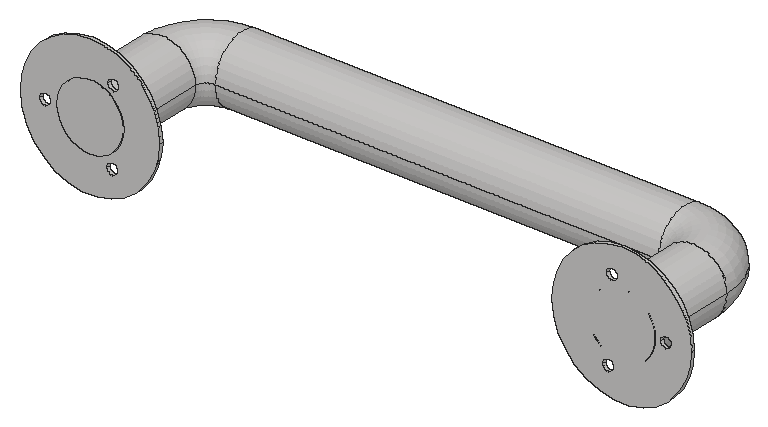
Revit family "Ecoline Wall Mount Grab Bar  family", category Furniture, Revit 2018
Family settings
  OmniClass Number = 23.40.20.00
  OmniClass Title = General Furniture and Specialties
  Work Plane-Based = No
  Always vertical = Yes
  Cut with Voids When Loaded = No
  Shared = No
  Room Calculation Point = No
Parameters (values of type "C8874-24"-Economy Wall Mount Grab Bar, Stainless Steel")
  mat [instance] = Steel, Mild
  URL = "http://www.kromedispense.com/"
  Model = "C8871-C8876 Stainless Steel"
  Grab Bar lanth [instance] = 2' - 0"
Types (7): name | Grab Bar lanth
  (no name) | 2' - 0"
  C8873-12"-Economy Wall Mount Grab Bar, Stainless Steel | 1' - 0"
  C8871-18"-Economy Wall Mount Grab Bar, Stainless Steel | 1' - 6"
  C8872-9"-Economy Wall Mount Grab Bar, Stainless Steel | 0' - 9"
  C8874-24"-Economy Wall Mount Grab Bar, Stainless Steel | 2' - 0"
  C8875-36"-Economy Wall Mount Grab Bar, Stainless Steel | 3' - 0"
  C8876-48"-Economy Wall Mount Grab Bar, Stainless Steel | 4' - 0"
Reference planes (in)
  plane 1 "Center Front/Back": y = 0
  plane 2: z = 0
  plane 3 "Center Left/Right": x = 0
  plane 4: x = -24
Forms (in)
  Sweep 1, solid, material "Stainless Steel, Brushed"
    path origin (-9, 0, 0) x (1, 0, 0) y (0, 1, 0)
      loop
        line (-15, 0) -> (-15, 4.05)
        arc (-15, 4.05) -> (-14.41421, 5.46421) -> (-13, 6.05) r 2
        line (-13, 6.05) -> (7, 6.05)
        arc (7, 6.05) -> (8.41421, 5.46421) -> (9, 4.05) r 2
        line (9, 4.05) -> (9, 0)
    profile origin (-24, 2.025, 0) x (-1, 0, 0) y (0, 0, 1)
      loop
        circle (0, 0) r 1.5
  Extrusion 2, solid, material "Stainless Steel, Brushed"
    sketch origin (-9, 0, 0) x (1, 0, 0) y (0, 0, 1)
      loop
        circle (-15, 0) r 3.15
    from 0 to -0.14377
  Extrusion 3, solid, material "Stainless Steel, Brushed"
    sketch origin (9, 0, 0) x (1, 0, 0) y (0, 0, 1)
      loop
        circle (-9, 0) r 3.15
    from 0 to -0.14377
  Extrusion 4, void
    sketch origin (-9, 0, 0) x (1, 0, 0) y (0, 0, 1)
      loop
        circle (-17.01365, 0) r 0.25
      loop
        circle (-13.93769, 1.65594) r 0.25
      loop
        circle (-13.98762, -1.76292) r 0.25
    from 0 to -0.14377
  Extrusion 5, void
    sketch origin (-9, 0, 0) x (1, 0, 0) y (0, 0, 1)
      loop
        circle (11.00136, 0) r 0.25
      loop
        circle (8.56602, 1.90624) r 0.25
      loop
        circle (8.39285, -1.82949) r 0.25
    from 0 to -0.14377
Cuts and joins
  Extrusion 4 cuts Extrusion 2
  Extrusion 5 cuts Extrusion 3
Dimensions and locks (in)
  "Grab Bar lanth": plane 4 to plane 3 "Center Left/Right"
  aligned and locked: level to plane 2
Automatic sketch dimensions
  Sweep 1 sketch curve to plane 4 = 0' - 0"
  Sweep 1 sketch curve to plane 3 "Center Left/Right" = 0' - 0"
  plane 1 "Center Front/Back" to Sweep 1 sketch curve = 0' - 0"  (x2)
  plane 4 to Sweep 1 sketch curve = 0' - 2"
  Sweep 1 sketch curve to plane 3 "Center Left/Right" = 0' - 2"
  Sweep 1 sketch curve to Sweep 1 sketch curve = 0' - 4.05"
  Sweep 1 sketch curve to level = 0' - 0"
  Sweep 1 sketch curve to profile plane = 0' - 0"
  Extrusion 2 sketch curve to level = 0' - 0"
  Extrusion 2 sketch curve to plane 4 = 0' - 0"
  Extrusion 3 sketch curve to level = 0' - 0"
  Extrusion 3 sketch curve to plane 3 "Center Left/Right" = 0' - 0"
  Extrusion 4 sketch curve to level = 0' - 0"
  Extrusion 4 sketch curve to plane 4 = 0' - 2.01365"
  plane 4 to Extrusion 4 sketch curve = 0' - 1.01238"
  plane 4 to Extrusion 4 sketch curve = 0' - 1.06231"
  Extrusion 4 sketch curve to level = 0' - 1.76292"
  level to Extrusion 4 sketch curve = 0' - 1.65594"
  Extrusion 5 sketch curve to level = 0' - 0"
  Extrusion 5 sketch curve to plane 3 "Center Left/Right" = 0' - 0.60715"
  Extrusion 5 sketch curve to plane 3 "Center Left/Right" = 0' - 0.43398"
  plane 3 "Center Left/Right" to Extrusion 5 sketch curve = 0' - 2.00136"
  Extrusion 5 sketch curve to level = 0' - 1.82949"
  level to Extrusion 5 sketch curve = 0' - 1 29/32"
  radius of Sweep 1 sketch curve = 0' - 1 1/2"
  radius of Extrusion 2 sketch curve = 0' - 3.15"
  radius of Extrusion 3 sketch curve = 0' - 3.15"
  radius of Extrusion 4 sketch curve = 0' - 0 1/4"  (x3)
  radius of Extrusion 5 sketch curve = 0' - 0 1/4"  (x3)
